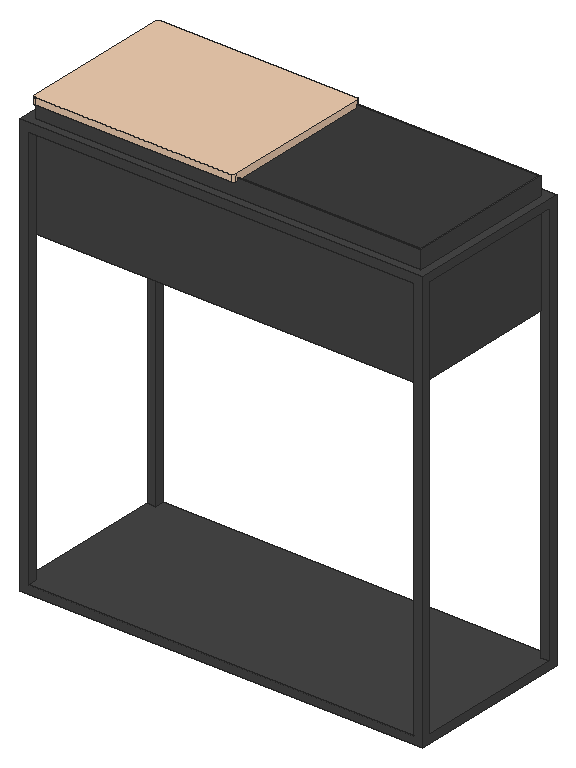
Revit family "NBS_Allermuir_IntPlntrSym-en-us-Crate_Planter", category Furniture, Revit 2018
Family settings
  Work Plane-Based = No
  Always vertical = Yes
  Cut with Voids When Loaded = No
  Shared = No
  Room Calculation Point = No
Parameters (values of type "Crate_Planter_CRT6020")
  WarrantyStartDate [instance] = "1900-12-31T23:59:59"
  WarrantyGuarantorParts = "sales@allermuir.com"
  WarrantyGuarantorLabor = "n/a"
  WarrantyDurationUnit = "year"
  WarrantyDurationParts = "5"
  WarrantyDurationLabor = "n/a"
  WarrantyDescription = "Allermuir warrant that its manufactured products are free from manufacturing defects - in materials or workmanship - for a period of five (5) years. , Allermuir will repair, or replace (at Allermuir's sole discretion) with comparable free of charge materials / components, any product / component which fails under normal use in a single shift environment, as a result of a defect in the materials and/ or workmanship"
  Version = "1"  # constant formula
  Uniclass2015Version = "Systems v1.15"
  Uniclass2015Title = "Internal planter systems"
  Uniclass2015Code = "Ss_45_40_40_42"
  TopShelfMaterial = NBS_Allermuir_Oak_ClearFinish
  TagNumber [instance] = "n/a"
  SustainabilityPerformance = "n/a"
  Style = "Planter"
  Status = "UNSET"
  Size = "23.5 x 24.75 x 9.75\""
  Shape = "n/a"
  SerialNumber [instance] = "n/a"
  Revision = "n/a"
  ReplacementCost = "n/a"
  Reference = "n/a"
  ProductInformation = "https://www.allermuir.com/products/tables-storage/crate"
  OmniClassVersion = "Table 22 2012-05-16"
  OmniClassTitle = "Office Furniture"
  OmniClassCode = "22-12 51 00"
  NominalWidth = 23.5"
  NominalLength = 23.5"
  NominalHeight = 24.75"
  NominalDepth = 10"
  Name = "InternalPlanterSystem_CRT6020_Crate_Allermuir"
  NBSReference = "40-40-40/165"
  NBSDescription = "Internal planter system"
  NBSCertification = "www.nationalbimlibrary.com/cert/jjjdwjnn"
  ModelReference = "Crate_Planter"
  ModelNumber = "CRT6020"
  Material = "Steel, Solid Wood"
  ManufacturerURL = "www.allermuir.com"
  ManufacturerName = "Allermuir"  # constant formula
  Manufacturer = "sales@allermuir.com"
  MainColor = "n/a"
  IsBuiltIn = no
  InstallationDate [instance] = "1900-12-31T23:59:59"
  IfcExportType = "USERDEFINED"  # constant formula
  IfcExportAs = "IfcFurnitureType"  # constant formula
  Grade = "n/a"
  FrameMaterial = NBS_Allermuir_Steel_BlackPowderCoat
  Frame = "Steel"
  Finish = "Black, Pebble, Sage"
  Features = "1\" Laminate faced MDF core top, Edge detail with a clear finish, Steel pedestal base finished in Silver powder coat, Plastic glides, Steel frame and box insert available in a selection of powder coat finishes"
  ExpectedLife = "10"
  DurationUnit = "year"
  Description = "Planter"
  Constituents = "n/a"
  Color = "Black, Pebble, Sage"
  CodePerformance = "n/a"
  Category = "Ss_45_40_40_42:Internal planter systems"
  BarCode [instance] = "n/a"
  BIMObjectName = "NBS_Allermuir_InternalPlanterSystem_Crate_Planter_CRT6020-US"
  Author = "NBS"  # constant formula
  AssetType = "Fixed"
  AssetIdentifier [instance] = "n/a"
  AccessibilityPerformance = "n/a"
Reference planes (in)
  plane 1 "Center (Front/Back)": y = 0
  plane 2: z = 0
  plane 3 "Center (Left/Right)": x = 0
  plane 4 "FrameTop": z = 24.80315
  plane 5 "Left": x = -11.81102
  plane 6 "Right": x = 11.81102
  plane 7 "Back": y = 4.92126
  plane 8 "Front": y = -4.92126
  plane 9 "BoxTop": z = 25.82677
  plane 10 "Top": z = 26.02362
Forms (in)
  Extrusion 1, solid, material "NBS_Allermuir_Steel_BlackPowderCoat" <- "FrameMaterial", detail levels medium+fine
    sketch origin (0, 0, 0) x (1, 0, 0) y (0, 1, 0)
      loop
        line (-11.81102, 4.92126) -> (-11.81102, -4.92126) -> (11.81102, -4.92126) -> (11.81102, 4.92126) -> (-11.81102, 4.92126)
    from 0 to 0.5
  Extrusion 2, solid, material "NBS_Allermuir_Steel_BlackPowderCoat" <- "FrameMaterial", detail levels medium+fine
    sketch origin (0, 0, 24.80315) x (-1, 0, 0) y (0, -1, 0)
      loop
        line (-11.31102, -4.42126) -> (11.31102, -4.42126) -> (11.31102, 4.42126) -> (-11.31102, 4.42126) -> (-11.31102, -4.42126)
      loop
        line (11.81102, -4.92126) -> (11.81102, 4.92126) -> (-11.81102, 4.92126) -> (-11.81102, -4.92126) -> (11.81102, -4.92126)
    from 0 to -0.5
  Extrusion 3, solid, material "NBS_Allermuir_Steel_BlackPowderCoat" <- "FrameMaterial", detail levels medium+fine
    sketch origin (0, 0, 0) x (1, 0, 0) y (0, 1, 0)
      loop
        line (-11.31102, 4.42126) -> (-11.31102, 4.92126) -> (-11.81102, 4.92126) -> (-11.81102, 4.42126) -> (-11.31102, 4.42126)
      loop
        line (-11.81102, -4.42126) -> (-11.81102, -4.92126) -> (-11.31102, -4.92126) -> (-11.31102, -4.42126) -> (-11.81102, -4.42126)
      loop
        line (11.31102, -4.92126) -> (11.81102, -4.92126) -> (11.81102, -4.42126) -> (11.31102, -4.42126) -> (11.31102, -4.92126)
      loop
        line (11.31102, 4.42126) -> (11.81102, 4.42126) -> (11.81102, 4.92126) -> (11.31102, 4.92126) -> (11.31102, 4.42126)
    from 0 to 24.80315
  Extrusion 4, solid, material "NBS_Allermuir_Steel_BlackPowderCoat" <- "FrameMaterial", detail levels medium+fine
    sketch origin (0, 0, 25.82677) x (-1, 0, 0) y (0, -1, 0)
      loop
        line (11.31102, -4.42126) -> (11.31102, 4.42126) -> (-11.31102, 4.42126) -> (-11.31102, -4.42126) -> (11.31102, -4.42126)
    from 0 to -7.08661
  Extrusion 5, void
    sketch origin (0, 0, 25.82677) x (-1, 0, 0) y (0, -1, 0)
      loop
        line (11.23228, -4.34252) -> (11.23228, 4.34252) -> (-11.23228, 4.34252) -> (-11.23228, -4.34252) -> (11.23228, -4.34252)
    from 0 to -6.61417
  Extrusion 6, solid, material "NBS_Allermuir_Oak_ClearFinish" <- "TopShelfMaterial", detail levels medium+fine
    sketch origin (0, 0, 26.02362) x (-1, 0, 0) y (0, -1, 0)
      loop
        line (11.31102, -4.44882) -> (11.31102, 4.44882)
        arc (11.31102, 4.44882) -> (11.2649, 4.56017) -> (11.15354, 4.6063) r 0.15748
        line (11.15354, 4.6063) -> (-0.34252, 4.6063)
        arc (-0.34252, 4.6063) -> (-0.45388, 4.56017) -> (-0.5, 4.44882) r 0.15748
        line (-0.5, 4.44882) -> (-0.5, -4.44882)
        arc (-0.5, -4.44882) -> (-0.45388, -4.56017) -> (-0.34252, -4.6063) r 0.15748
        line (-0.34252, -4.6063) -> (11.15354, -4.6063)
        arc (11.15354, -4.6063) -> (11.2649, -4.56017) -> (11.31102, -4.44882) r 0.15748
    from 0 to -0.3937
  Extrusion 7, solid, material "NBS_Allermuir_Steel_BlackPowderCoat" <- "FrameMaterial", detail levels coarse
    sketch origin (0, 0, 0) x (1, 0, 0) y (0, 1, 0)
      loop
        line (-11.81102, 4.92126) -> (-11.81102, -4.92126) -> (11.81102, -4.92126) -> (11.81102, 4.92126) -> (-11.81102, 4.92126)
    from 0 to 26.02362
Cuts and joins
  joined: Extrusion 1, Extrusion 2, Extrusion 3
  Extrusion 5 cuts Extrusion 4
Dimensions and locks (in)
  equal spacing: plane 8 "Front", plane 1 "Center (Front/Back)", plane 7 "Back"
  equal spacing: plane 5 "Left", plane 3 "Center (Left/Right)", plane 6 "Right"
  plane 10 "Top" to plane 9 "BoxTop" to plane 4 "FrameTop" = 0.19685" locked, 1.02362" locked
  aligned and locked: level to plane 2
  aligned and locked: Extrusion 1 sketch curve to plane 5 "Left"
  aligned and locked: plane 6 "Right" to Extrusion 1 sketch curve
  aligned and locked: Extrusion 1 sketch curve to plane 7 "Back"
  aligned and locked: plane 8 "Front" to Extrusion 1 sketch curve
  aligned and locked: Extrusion 2 sketch curve to plane 5 "Left"
  aligned and locked: plane 6 "Right" to Extrusion 2 sketch curve
  aligned and locked: Extrusion 2 sketch curve to plane 7 "Back"
  aligned and locked: plane 8 "Front" to Extrusion 2 sketch curve
  aligned and locked: Extrusion 3 sketch curve to plane 7 "Back"  (x2)
  aligned and locked: Extrusion 3 sketch curve to plane 5 "Left"  (x2)
  aligned and locked: plane 8 "Front" to Extrusion 3 sketch curve  (x2)
  aligned and locked: plane 6 "Right" to Extrusion 3 sketch curve  (x2)
  aligned and locked: plane 4 "FrameTop" to Extrusion 3
  aligned and locked: Extrusion 7 sketch curve to plane 5 "Left"
  aligned and locked: plane 6 "Right" to Extrusion 7 sketch curve
  aligned and locked: Extrusion 7 sketch curve to plane 7 "Back"
  aligned and locked: plane 8 "Front" to Extrusion 7 sketch curve
  aligned and locked: plane 10 "Top" to Extrusion 7
Automatic sketch dimensions
  plane 6 "Right" to Extrusion 2 sketch curve = 0.5"
  plane 5 "Left" to Extrusion 2 sketch curve = 0.5"
  Extrusion 2 sketch curve to plane 7 "Back" = 0.5"
  Extrusion 2 sketch curve to plane 8 "Front" = 0.5"
  plane 5 "Left" to Extrusion 3 sketch curve = 0.5"  (x2)
  Extrusion 3 sketch curve to plane 7 "Back" = 0.5"  (x2)
  Extrusion 3 sketch curve to plane 8 "Front" = 0.5"  (x2)
  plane 6 "Right" to Extrusion 3 sketch curve = 0.5"  (x2)
  plane 6 "Right" to Extrusion 4 sketch curve = 0.5"
  plane 5 "Left" to Extrusion 4 sketch curve = 0.5"
  Extrusion 4 sketch curve to plane 7 "Back" = 0.5"
  Extrusion 4 sketch curve to plane 8 "Front" = 0.5"
  plane 6 "Right" to Extrusion 5 sketch curve = 0.57874"
  plane 5 "Left" to Extrusion 5 sketch curve = 0.57874"
  Extrusion 5 sketch curve to plane 7 "Back" = 0.57874"
  Extrusion 5 sketch curve to plane 8 "Front" = 0.57874"
  plane 3 "Center (Left/Right)" to Extrusion 6 sketch curve = 0.5"
  Extrusion 6 sketch curve to Extrusion 6 sketch curve = 0.15748"  (x3)
  Extrusion 6 sketch curve to plane 8 "Front" = 0.31496"
  plane 5 "Left" to Extrusion 6 sketch curve = 0.65748"  (x2)
  Extrusion 6 sketch curve to plane 7 "Back" = 0.47244"
